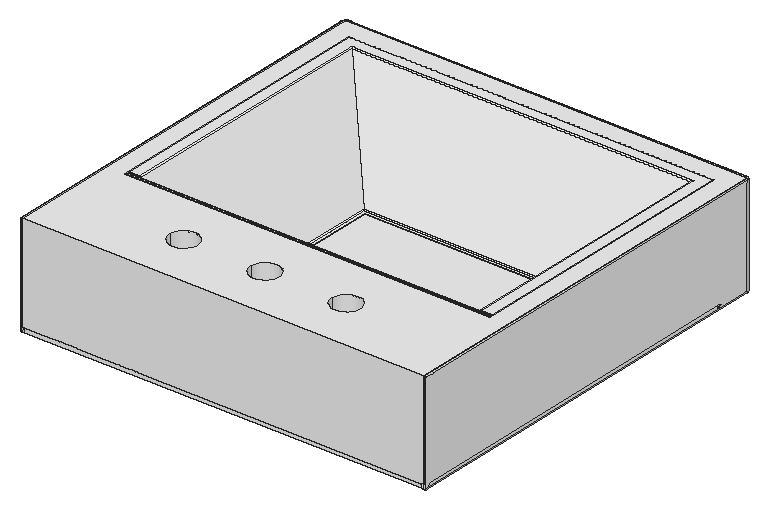
Revit family "Sink 2", category Plumbing Fixtures, Revit 2015
Parameters (values of type "Sink 2")
  Material [instance] = Porcelain White
  Manufacturer = ""
  Assembly Code = ""
Reference planes
  plane 1 "Center (Front/Back)": y = 0
  plane 2: z = 0
  plane 3 "Center (Left/Right)": x = 0
  plane 4: x = -134.49
  plane 5: x = -249.489
  plane 6: x = -224.489
Forms (mm)
  Sweep 1, solid, material "Porcelain White" <- "Material"
    path origin (-125, -75, 630) x (1, 0, 0) y (0, 1, 0)
      loop
        line (-99.49, 210) -> (-99.49, 550) -> (349.489, 550) -> (349.489, 210)
    profile origin (0, 305, 0) x (-1, 0, 0) y (0, 0, 1)
      loop
        line (224.489, 745) -> (224.489, 750) -> (210.598, 750)
        arc (210.598, 750) -> (209.628, 749.749) -> (208.902, 749.06) r 2
        line (208.902, 749.06) -> (135.077, 630.94)
        arc (135.077, 630.94) -> (134.351, 630.251) -> (133.381, 630) r 2
        line (133.381, 630) -> (129.136, 630) -> (129.136, 624.958) -> (137.234, 624.958) -> (212.261, 745) -> (224.489, 745)
  Sweep 2, solid, material "Porcelain White" <- "Material"
    path origin (-125, -75, 630) x (1, 0, 0) y (0, 1, 0)
      loop
        line (-99.49, 205) -> (349.489, 205)
    profile origin (0, 0, 0) x (0, 1, 0) y (0, 0, 1)
      loop
        line (149.827, 631.749) -> (135.102, 748.251)
        arc (135.102, 748.251) -> (134.441, 749.5) -> (133.118, 750) r 2
        line (133.118, 750) -> (129.881, 750) -> (145.686, 624.958) -> (155.686, 624.958) -> (155.686, 630) -> (151.811, 630)
        arc (151.811, 630) -> (150.489, 630.5) -> (149.827, 631.749) r 2
  Extrusion 3, solid, material "Porcelain White" <- "Material"
    sketch origin (-125, -75, 630) x (1, 0, 0) y (0, 1, 0)
      loop
        arc (-119.49, 573) -> (-121.611, 572.121) -> (-122.49, 570) r 3
        line (-122.49, 570) -> (-122.49, 75) -> (372.489, 75) -> (372.489, 570)
        arc (372.489, 570) -> (371.611, 572.121) -> (369.489, 573) r 3
        line (369.489, 573) -> (-119.49, 573)
      loop
        circle (25.511, 139.361) r 17.5
      loop
        circle (125.511, 139.361) r 17.5
      loop
        circle (225.511, 139.361) r 17.5
      loop
        line (349.489, 550) -> (-99.49, 550) -> (-99.49, 205) -> (349.489, 205) -> (349.489, 550)
    from 0 to 120
  Sweep 4, solid, material "Porcelain White" <- "Material"
    path origin (-125, -75, 630) x (1, 0, 0) y (0, 1, 0)
      loop
        line (-124.49, 75) -> (-124.49, 570)
        arc (-124.49, 570) -> (-123.025, 573.536) -> (-119.49, 575) r 5
        line (-119.49, 575) -> (369.489, 575)
        arc (369.489, 575) -> (373.025, 573.536) -> (374.489, 570) r 5
        line (374.489, 570) -> (374.489, 75)
    profile origin (0, 247.5, 0) x (-1, 0, 0) y (0, 0, 1)
      loop
        line (247.489, 750) -> (247.489, 625) -> (248.489, 625)
        arc (248.489, 625) -> (249.197, 625.293) -> (249.489, 626) r 1
        line (249.489, 626) -> (249.489, 749)
        arc (249.489, 749) -> (249.197, 749.707) -> (248.489, 750) r 1
        line (248.489, 750) -> (247.489, 750)
  Extrusion 5, solid, material "Porcelain White" <- "Material"
    sketch origin (-125, -75, 630) x (1, 0, 0) y (0, 1, 0)
      loop
        arc (-124.49, 80) -> (-123.025, 76.464) -> (-119.49, 75) r 5
        line (-119.49, 75) -> (369.489, 75)
        arc (369.489, 75) -> (373.025, 76.464) -> (374.489, 80) r 5
        line (374.489, 80) -> (374.489, 570)
        arc (374.489, 570) -> (373.025, 573.536) -> (369.489, 575) r 5
        line (369.489, 575) -> (-119.49, 575)
        arc (-119.49, 575) -> (-123.025, 573.536) -> (-124.49, 570) r 5
        line (-124.49, 570) -> (-124.49, 80)
      loop
        circle (125.51, 275) r 23
    from -5.042 to 0
Lines and regions (mm)
  symbolic lines
    curve 1: line (-244.489, 500, 0) -> (244.49, 500, 0)
    curve 2: arc (244.49, 500, 0) -> (248.025, 498.536, 0) -> (249.49, 495, 0) r 5
    curve 3: line (249.49, 495, 0) -> (249.49, 5, 0)
    curve 4: arc (249.49, 5, 0) -> (248.025, 1.464, 0) -> (244.49, 0, 0) r 5
    curve 5: line (244.49, 0, 0) -> (-244.489, 0, 0)
    curve 6: arc (-244.489, 0, 0) -> (-248.025, 1.464, 0) -> (-249.489, 5, 0) r 5
    curve 7: line (-249.489, 5, 0) -> (-249.489, 495, 0)
    curve 8: arc (-249.489, 495, 0) -> (-248.025, 498.536, 0) -> (-244.489, 500, 0) r 5
    curve 9: line (-219.489, 475, 0) -> (219.49, 475, 0)
    curve 10: arc (219.49, 475, 0) -> (223.025, 473.536, 0) -> (224.49, 470, 0) r 5
    curve 11: line (224.49, 470, 0) -> (224.49, 135, 0)
    curve 12: arc (224.49, 135, 0) -> (223.025, 131.464, 0) -> (219.49, 130, 0) r 5
    curve 13: line (219.49, 130, 0) -> (-219.489, 130, 0)
    curve 14: arc (-219.489, 130, 0) -> (-223.025, 131.464, 0) -> (-224.489, 135, 0) r 5
    curve 15: line (-224.489, 135, 0) -> (-224.489, 470, 0)
    curve 16: arc (-224.489, 470, 0) -> (-223.025, 473.536, 0) -> (-219.489, 475, 0) r 5
    curve 17: line (124.106, 150.048, 0) -> (-126.022, 150.048, 0)
    curve 18: line (-126.022, 150.048, 0) -> (-129.49, 150.048, 0)
    curve 19: arc (-129.49, 150.048, 0) -> (-133.025, 151.513, 0) -> (-134.49, 155.048, 0) r 5
    curve 20: line (-134.49, 155.048, 0) -> (-134.49, 380, 0)
    curve 21: arc (-134.49, 380, 0) -> (-133.025, 383.536, 0) -> (-129.49, 385, 0) r 5
    curve 22: line (-129.49, 385, 0) -> (130.511, 385, 0)
    curve 23: line (-219.489, 470, 0) -> (-137.619, 388.13, 0)
    curve 24: line (219.49, 470, 0) -> (137.185, 387.696, 0)
    curve 25: line (219.49, 135, 0) -> (139.819, 150.477, 0)
    curve 26: line (-219.489, 135, 0) -> (-139.472, 151.032, 0)
    curve 27: arc (23.511, 200, 0) -> (0.511, 177, 0) -> (-22.489, 200, 0) r 23
    curve 28: arc (-22.489, 200, 0) -> (0.511, 223, 0) -> (23.511, 200, 0) r 23
    curve 29: arc (-36.989, 200, 0) -> (0.511, 237.5, 0) -> (38.011, 200, 0) r 37.5
    curve 30: arc (38.011, 200, 0) -> (0.511, 162.5, 0) -> (-36.989, 200, 0) r 37.5
    curve 31: arc (-16.989, 64.361, 0) -> (0.511, 81.861, 0) -> (18.011, 64.361, 0) r 17.5
    curve 32: arc (18.011, 64.361, 0) -> (0.511, 46.861, 0) -> (-16.989, 64.361, 0) r 17.5
    curve 33: arc (83.011, 64.361, 0) -> (100.511, 81.861, 0) -> (118.011, 64.361, 0) r 17.5
    curve 34: arc (118.011, 64.361, 0) -> (100.511, 46.861, 0) -> (83.011, 64.361, 0) r 17.5
    curve 35: arc (-116.989, 64.361, 0) -> (-99.489, 81.861, 0) -> (-81.989, 64.361, 0) r 17.5
    curve 36: arc (-81.989, 64.361, 0) -> (-99.489, 46.861, 0) -> (-116.989, 64.361, 0) r 17.5
    curve 37: spline (-11.99, 136.838, 0) -> (-11.564, 137.639, 0) -> (-10.315, 138.385, 0) -> (-8.328, 139.026, 0) -> (-5.74, 139.518, 0) -> (-2.725, 139.827, 0) -> (0.51, 139.933, 0) -> (3.746, 139.827, 0) -> (6.76, 139.518, 0) -> (9.349, 139.026, 0) -> (11.336, 138.385, 0) -> (12.585, 137.639, 0) -> (13.01, 136.838, 0)
    curve 38: spline (-11.99, 136.838, 0) -> (-11.564, 136.036, 0) -> (-10.315, 135.29, 0) -> (-8.328, 134.649, 0) -> (-5.74, 134.157, 0) -> (-2.725, 133.848, 0) -> (0.51, 133.742, 0) -> (3.746, 133.848, 0) -> (6.76, 134.157, 0) -> (9.349, 134.649, 0) -> (11.336, 135.29, 0) -> (12.585, 136.036, 0) -> (13.01, 136.838, 0)
    curve 39: arc (130.511, 150.048, 0) -> (134.046, 151.513, 0) -> (135.511, 155.048, 0) r 5
    curve 40: line (135.511, 155.048, 0) -> (135.511, 380, 0)
    curve 41: arc (135.511, 380, 0) -> (134.046, 383.536, 0) -> (130.511, 385, 0) r 5
Dimensions and locks
  locked: curve 1 to curve 5 at 500
  locked: curve 9 to curve 1 at 25
  locked: curve 13 to curve 5 at 130
  locked: curve 17 to curve 13 at 20.048
  locked: curve 22 to curve 17 at 234.952
  locked: curve 22 to curve 9 at 90
  curve 32 to curve 36 to curve 34 to curve 5 = 0 mm, 0 mm, 46.861 mm locked
  curve 27 to curve 30 to curve 17 = 14.5 mm locked, 12.452 mm locked
  locked: curve 38 to curve 13 at 3.742
